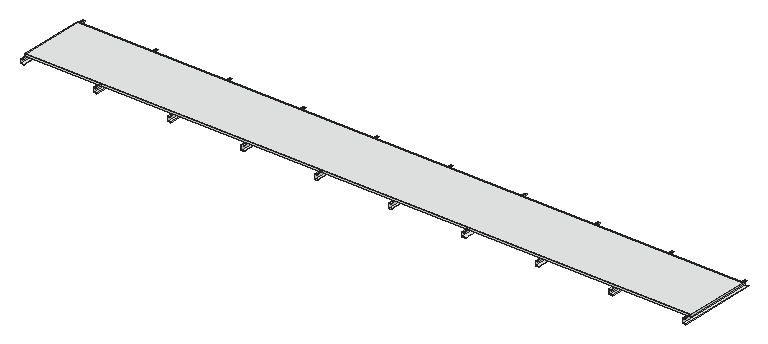
Revit family "Walkway_Kattsafe_Aluminium", category Specialty Equipment, Revit 2025
Family settings
  Round Connector Dimension = Use Diameter
  Part Type = Normal
  OmniClass Number = 23.13.41.19
  Enable Cutting in Views = No
  Cut with Voids When Loaded = No
  Maintain Annotation Orientation = No
  Shared = No
  Room Calculation Point = No
Parameters (values of type "Type 1")
  WalkwayWidth = 600 mm  # constant formula
  WalkwayMaterial = Aluminum_Kattsafe_Mesh_Walkway
  WalkwayAngleEnd2 [instance] = 0.00°
  WalkwayAngleEnd1 [instance] = 0.00°
  Uniclass2015Version = "Products v1.23"
  Uniclass2015Title = "Working platforms"
  Uniclass2015Code = "Pr_40_70_75_96"
  URL = "https://kattsafe.com.au/"
  Type IFC Predefined Type = "USERDEFINED"
  Type Comments = "Aluminium Walkway"
  SafetyDisclaimer [instance] = "WARNING! The correct placement of access, fall protection and facade maintenance systems is critical to ensure it is fit-for-purpose and safe for the operator to use. Did you know Kattsafe® have a dedicated team of Height Safety System Design Specialists? Kattsafe® provide one-on-one consultation and system design assistance to ensure you are meeting the stringent requirements of height safety and to give you PEACE OF MIND with your project."  # constant formula
  RoofPitchCalc [instance] = if(1 = 1, RoofPitch + 90.00°, 0.00°)  # 90.00°
  RoofPitch [instance] = 0.00°
  ModifiedIssue = 20240430
  Model = "GW8"
  FrameMaterial = Aluminum_Kattsafe_Satin
  ManufacturerURLProductSpecific = "https://kattsafe.com.au/products/guardrails-walkway/guardrail-and-walkway-gw"
  ManufacturerSpecCode = Model  # "GW8"
  ManufacturerOverallWidth = WalkwayWidth + 100 mm  # 700 mm
  ManufacturerOverallLength [instance] = [built-in parameter 1001306]  # 6000 mm
  ManufacturerOverallHeight = 53 mm  # constant formula
  Manufacturer = "Kattsafe®"  # constant formula
  built-in parameter 1001306 [instance] = 6000 mm
  IfcExportType = "USERDEFINED"
  IfcExportAs = "IfcBuildingElementProxy"
  Export Type to IFC As = "IfcBuildingElementProxy"
  ElementType = "Roof Walkway"
  Description = "Kattsafe guardrail systems are the preferred method of safe access across roofs and areas close to a fall edge. The system requires no specialist PPE, personnel or training to safely prevent a fall with a walkway to designate a safe path of access across the roof surface."  # constant formula
  Default Elevation = 0 mm
  CreatedBy = "IGS BIM Solutions"  # constant formula
  CreatedByURL = "https://igsgroup.com.au"
  CleatsSingleOptionCalc [instance] = if(and(CleatsOption, (CleatsNumberOfCalc2 < 2), [built-in parameter 1001306] > CleatsMaxSpacingLength - 1 mm), 1 > 0, 1 < 0)  # no
  CleatsNumberOfCalc3 [instance] = if(CleatsNumberOfCalc2 < 2, 2, CleatsNumberOfCalc2)  # 13
  CleatsArrayOptionCalc [instance] = if(and(CleatsOption, (CleatsNumberOfCalc2 > 1)), 1 > 0, 1 < 0)  # no
  CleatsActualNumberOf [instance] = if(CleatsOption, CleatsNumberOfCalc2, 0)  # 0
  CleatsOption [instance] = not(RoofPitch < 10.00°)  # no
  CleatsNumberOfCalc2 [instance] = if(CleatsNumberOf > CleatsNumberOfCalc, rounddown(CleatsNumberOfCalc), CleatsNumberOf)  # 13
  CleatsNumberOfCalc [instance] = ([built-in parameter 1001306] - (CleatsMaxSpacingLength)) / (CleatsMaxSpacingLength) + 1  # 13.3333
  CleatsNumberOf [instance] = ([built-in parameter 1001306] - (CleatsMaxSpacingLength)) / (CleatsMaxSpacingLength) + 1  # 13
  CleatsMaxSpacingLength [instance] = if(RoofPitch < 15.00°, 450 mm, if(RoofPitch < 18.00°, 400 mm, 350 mm))  # 450 mm
  BattensSingleOption [instance] = if(and(BattensArrayNumberOf < 2, [built-in parameter 1001306] > 669 mm), 1 > 0, 1 < 0)  # no
  BattensOffsetLength [instance] = ([built-in parameter 1001306] - 30 mm) / (BattensArrayNumberOf + 1)  # 663.333 mm
  BattensArrayOption [instance] = if(BattensArrayNumberOf < 2, 1 < 0, 1 > 0)  # yes
  BattensArrayNumberOfCalc3 [instance] = if(BattensArrayNumberOf < 2, 2, BattensArrayNumberOf)  # 8
  BattensArrayNumberOf [instance] = if(BattensArrayNumberOfCalc2 < BattensArrayNumberOfCalc, rounddown(BattensArrayNumberOfCalc2), BattensArrayNumberOfCalc)  # 8
  BattensArrayNumberOfCalc2 [instance] = if(1 = 1, [built-in parameter 1001306] / 670 mm, 0)  # 8.9552
  BattensArrayNumberOfCalc [instance] = if(1 = 1, [built-in parameter 1001306] / 670 mm, 0)  # 9
  BattensActualNumberOf [instance] = BattensArrayNumberOf + 2  # 10
  Assembly Code = "E1090100"
Reference planes
  plane 1 "Walkway_Front_Calc": y = -600
  plane 2 "Bottom": z = 0
  plane 3 "Left": x = 0
  plane 4 "Right": x = 6000
  plane 5 "Walkway_Front": y = -600
  plane 6 "Walkway_Bottom": z = 40
  plane 7 "Center (Front/Back)": y = -300
  plane 8 "Center (Left/Right)": x = 3000
  plane 9 "Top": z = 53
  plane 10 "Cleat_Left": x = 450
  plane 11 "Cleat_Right": x = 900
  plane 12 "Left_Calc": x = 0
  plane 13 "Right_Calc": x = 6000
  plane 14 "Front": y = -650
  plane 15 "Back": y = 50
  plane 16 "Batten_Array_Left": x = 663.333
  plane 17 "Batten_Array_Right": x = 5336.667
  plane 18 "Walkway_Back": y = 0
Lines and regions (mm)
  reference lines
    curve 1: line (0, -600, 0) -> (6000, -600, 0)
    curve 2: line (0, -600, 0) -> (0.961, -600, 0)
    curve 3: line (6000, -600, 0) -> (5998.961, -600, 0)
    curve 4: line (0, -600, 53) -> (0, 0, 53)
    curve 5: line (6000, -600, 53) -> (6000, 0, 53)
Text (mm)
  text "Disclaimer:\nDue to ongoing product development and manufacturing \nevolution, product details are subject to change without \nnotice. Please refer to product technical data sheets on \nthe manufacturers website for the most current product \ninformation. Please allow a +/- 5mm manufacturing \ntolerance for dimensions and set-outs shown in product \nliterature." at (8280.43, 2349.183, 0), in view "Ref. Level"
Dimensions and locks
  "built-in parameter 1001306": plane 3 "Left" to plane 4 "Right"
  "ManufacturerOverallHeight": plane 9 "Top" to plane 2 "Bottom"
  equal spacing: plane 3 "Left", plane 8 "Center (Left/Right)", plane 4 "Right"
  locked: plane 6 "Walkway_Bottom" to plane 2 "Bottom" at 40
  "CleatsMaxSpacingLength": plane 3 "Left" to plane 10 "Cleat_Left"
  "CleatsMaxSpacingLength": plane 10 "Cleat_Left" to plane 11 "Cleat_Right"
  equal spacing: group 1, group 2, group 5, group 6, group 7, group 8, group 9, group 10, group 11, group 12, group 13, group 14, group 15  (x3)
  locked: plane 3 "Left" to plane 12 "Left_Calc"
  locked: plane 13 "Right_Calc" to plane 4 "Right"
  equal spacing: plane 15 "Back", plane 7 "Center (Front/Back)", plane 14 "Front"
  "ManufacturerOverallWidth": plane 15 "Back" to plane 14 "Front"
  equal spacing: group 3, group 16, group 17, group 18, group 19, group 20, group 21, group 4  (x3)
  "BattensOffsetLength": plane 12 "Left_Calc" to plane 16 "Batten_Array_Left"
  "BattensOffsetLength": plane 4 "Right" to plane 17 "Batten_Array_Right"
  equal spacing: curve 4, nested 7, curve 4
  equal spacing: curve 5, nested 8, curve 5
  locked: plane 1 "Walkway_Front_Calc" to plane 5 "Walkway_Front" at 0
  plane 18 "Walkway_Back" to plane 5 "Walkway_Front" = 600 mm
  equal spacing: plane 18 "Walkway_Back", plane 7 "Center (Front/Back)", plane 5 "Walkway_Front"
  "WalkwayAngleEnd1": angle curve 4 to plane 3 "Left"
  "WalkwayAngleEnd2": angle plane 13 "Right_Calc" to curve 5
  aligned and locked: plane 4 "Right" to curve 1
  aligned and locked: plane 1 "Walkway_Front_Calc" to curve 1
  aligned and locked: plane 3 "Left" to curve 1
  aligned and locked: level to plane 2 "Bottom"
  aligned and locked: plane 4 "Right" to curve 3
  aligned and locked: plane 3 "Left" to nested 1
  aligned and locked: nested 1 to plane 4 "Right"
  aligned and locked: plane 10 "Cleat_Left" to nested 2
  aligned and locked: plane 9 "Top" to nested 2
  aligned and locked: plane 11 "Cleat_Right" to nested 3
  aligned and locked: plane 9 "Top" to nested 3
  aligned and locked: nested 3 to plane 9 "Top"
  aligned and locked: plane 10 "Cleat_Left" to nested 4
  aligned and locked: plane 9 "Top" to nested 4
  aligned and locked: plane 5 "Walkway_Front" to curve 4
  aligned and locked: plane 3 "Left" to curve 4
  aligned and locked: plane 13 "Right_Calc" to curve 5
  aligned and locked: plane 5 "Walkway_Front" to curve 5
  aligned and locked: nested 5 to plane 7 "Center (Front/Back)"
  aligned and locked: plane 2 "Bottom" to nested 5
  aligned and locked: nested 6 to plane 7 "Center (Front/Back)"
  aligned and locked: plane 2 "Bottom" to nested 6
  aligned and locked: plane 16 "Batten_Array_Left" to nested 5
  aligned and locked: plane 17 "Batten_Array_Right" to nested 6
  aligned and locked: plane 2 "Bottom" to nested 7
  aligned and locked: nested 7 to curve 4
  aligned and locked: plane 2 "Bottom" to nested 8
  aligned and locked: nested 8 to curve 5
  aligned and locked: plane 16 "Batten_Array_Left" to nested 9
  aligned and locked: nested 9 to plane 7 "Center (Front/Back)"
  aligned and locked: plane 18 "Walkway_Back" to curve 5
  aligned and locked: plane 18 "Walkway_Back" to curve 4
Automatic sketch dimensions
  plane 3 "Left" to curve 2 = 0.961 mm
  curve 3 to plane 4 "Right" = 1.039 mm
  curve 2 to plane 3 "Left" = 0 mm
  plane 1 "Walkway_Front_Calc" to curve 3 = 0 mm
  plane 1 "Walkway_Front_Calc" to curve 2 = 0 mm
Nested families
  nested 1: "z_Walkway_Kattsafe_Aluminium" at (25.785, -300, 40), Material <- "FrameMaterial", ManufacturerOverallWidth <- "WalkwayWidth", End1_Angle <- "WalkwayAngleEnd1", End2_Angle <- "WalkwayAngleEnd2", WalkwayMaterial <- "WalkwayMaterial", type "GW335.6000"
    with WalkwayMaterial Aluminum_Kattsafe_Mesh_Walkway, Material Aluminum_Kattsafe_Satin, ManufacturerOverallWidth 600 mm, ManufacturerOverallLength 6000 mm, End2_Angle_Calc 90.00°, End2_Angle 0.00°, End1_Angle_Calc 90.00°, End1_Angle 0.00°
  nested 2: "z_WalkwayCleat_Kattsafe" at (463.562, -25.785, 53) x (0, -1, 0) z (0, 0, 1), ManufacturerOverallLength <- "WalkwayWidth", visible <- "CleatsArrayOptionCalc", Material <- "FrameMaterial", type "GW340"
    with Material Aluminum_Kattsafe_Satin, ManufacturerOverallLength 600 mm
  nested 3: "z_WalkwayCleat_Kattsafe" at (913.562, -25.785, 53) x (0, -1, 0) z (0, 0, 1), ManufacturerOverallLength <- "WalkwayWidth", visible <- "CleatsArrayOptionCalc", Material <- "FrameMaterial", type "GW340"
    with Material Aluminum_Kattsafe_Satin, ManufacturerOverallLength 600 mm
  nested 4: "z_WalkwayCleat_Kattsafe" at (463.562, -25.785, 53) x (0, -1, 0) z (0, 0, 1), ManufacturerOverallLength <- "WalkwayWidth", visible <- "CleatsSingleOptionCalc", Material <- "FrameMaterial", type "GW340"
    with Material Aluminum_Kattsafe_Satin, ManufacturerOverallLength 600 mm
  nested 5: "z_WalkwayBatten_Kattsafe" at (678.333, -624.215, 0) x (0, 1, 0) z (0, 0, 1), visible <- "BattensArrayOption", Material <- "FrameMaterial", type "700w (GW359D.700)"
    with Material Aluminum_Kattsafe_Satin
  nested 6: "z_WalkwayBatten_Kattsafe" at (5321.667, -624.215, 0) x (0, 1, 0) z (0, 0, 1), visible <- "BattensArrayOption", Material <- "FrameMaterial", type "700w (GW359D.700)"
    with Material Aluminum_Kattsafe_Satin
  nested 7: "z_WalkwayBatten_Kattsafe" at (15, -624.215, 0) x (0, 1, 0) z (0, 0, 1), Material <- "FrameMaterial", type "700w (GW359D.700)"
    with Material Aluminum_Kattsafe_Satin
  nested 8: "z_WalkwayBatten_Kattsafe" at (5985, -624.215, 0) x (0, 1, 0) z (0, 0, 1), Material <- "FrameMaterial", type "700w (GW359D.700)"
    with Material Aluminum_Kattsafe_Satin
  nested 9: "z_WalkwayBatten_Kattsafe" at (678.333, -624.215, 0) x (0, 1, 0) z (0, 0, 1), visible <- "BattensSingleOption", Material <- "FrameMaterial", type "700w (GW359D.700)"
    with Material Aluminum_Kattsafe_Satin
  nested 10: "z_WalkwayCleat_Kattsafe" at (1363.562, -25.785, 53) x (0, -1, 0) z (0, 0, 1), ManufacturerOverallLength <- "WalkwayWidth", visible <- "CleatsArrayOptionCalc", Material <- "FrameMaterial", type "GW340"
    with Material Aluminum_Kattsafe_Satin, ManufacturerOverallLength 600 mm
  nested 11: "z_WalkwayCleat_Kattsafe" at (1813.562, -25.785, 53) x (0, -1, 0) z (0, 0, 1), ManufacturerOverallLength <- "WalkwayWidth", visible <- "CleatsArrayOptionCalc", Material <- "FrameMaterial", type "GW340"
    with Material Aluminum_Kattsafe_Satin, ManufacturerOverallLength 600 mm
  nested 12: "z_WalkwayCleat_Kattsafe" at (2263.562, -25.785, 53) x (0, -1, 0) z (0, 0, 1), ManufacturerOverallLength <- "WalkwayWidth", visible <- "CleatsArrayOptionCalc", Material <- "FrameMaterial", type "GW340"
    with Material Aluminum_Kattsafe_Satin, ManufacturerOverallLength 600 mm
  nested 13: "z_WalkwayCleat_Kattsafe" at (2713.562, -25.785, 53) x (0, -1, 0) z (0, 0, 1), ManufacturerOverallLength <- "WalkwayWidth", visible <- "CleatsArrayOptionCalc", Material <- "FrameMaterial", type "GW340"
    with Material Aluminum_Kattsafe_Satin, ManufacturerOverallLength 600 mm
  nested 14: "z_WalkwayCleat_Kattsafe" at (3163.562, -25.785, 53) x (0, -1, 0) z (0, 0, 1), ManufacturerOverallLength <- "WalkwayWidth", visible <- "CleatsArrayOptionCalc", Material <- "FrameMaterial", type "GW340"
    with Material Aluminum_Kattsafe_Satin, ManufacturerOverallLength 600 mm
  nested 15: "z_WalkwayCleat_Kattsafe" at (3613.562, -25.785, 53) x (0, -1, 0) z (0, 0, 1), ManufacturerOverallLength <- "WalkwayWidth", visible <- "CleatsArrayOptionCalc", Material <- "FrameMaterial", type "GW340"
    with Material Aluminum_Kattsafe_Satin, ManufacturerOverallLength 600 mm
  nested 16: "z_WalkwayCleat_Kattsafe" at (4063.562, -25.785, 53) x (0, -1, 0) z (0, 0, 1), ManufacturerOverallLength <- "WalkwayWidth", visible <- "CleatsArrayOptionCalc", Material <- "FrameMaterial", type "GW340"
    with Material Aluminum_Kattsafe_Satin, ManufacturerOverallLength 600 mm
  nested 17: "z_WalkwayCleat_Kattsafe" at (4513.562, -25.785, 53) x (0, -1, 0) z (0, 0, 1), ManufacturerOverallLength <- "WalkwayWidth", visible <- "CleatsArrayOptionCalc", Material <- "FrameMaterial", type "GW340"
    with Material Aluminum_Kattsafe_Satin, ManufacturerOverallLength 600 mm
  nested 18: "z_WalkwayCleat_Kattsafe" at (4963.562, -25.785, 53) x (0, -1, 0) z (0, 0, 1), ManufacturerOverallLength <- "WalkwayWidth", visible <- "CleatsArrayOptionCalc", Material <- "FrameMaterial", type "GW340"
    with Material Aluminum_Kattsafe_Satin, ManufacturerOverallLength 600 mm
  nested 19: "z_WalkwayCleat_Kattsafe" at (5413.562, -25.785, 53) x (0, -1, 0) z (0, 0, 1), ManufacturerOverallLength <- "WalkwayWidth", visible <- "CleatsArrayOptionCalc", Material <- "FrameMaterial", type "GW340"
    with Material Aluminum_Kattsafe_Satin, ManufacturerOverallLength 600 mm
  nested 20: "z_WalkwayCleat_Kattsafe" at (5863.562, -25.785, 53) x (0, -1, 0) z (0, 0, 1), ManufacturerOverallLength <- "WalkwayWidth", visible <- "CleatsArrayOptionCalc", Material <- "FrameMaterial", type "GW340"
    with Material Aluminum_Kattsafe_Satin, ManufacturerOverallLength 600 mm
  nested 21: "z_WalkwayBatten_Kattsafe" at (1341.667, -624.215, 0) x (0, 1, 0) z (0, 0, 1), visible <- "BattensArrayOption", Material <- "FrameMaterial", type "700w (GW359D.700)"
    with Material Aluminum_Kattsafe_Satin
  nested 22: "z_WalkwayBatten_Kattsafe" at (2005, -624.215, 0) x (0, 1, 0) z (0, 0, 1), visible <- "BattensArrayOption", Material <- "FrameMaterial", type "700w (GW359D.700)"
    with Material Aluminum_Kattsafe_Satin
  nested 23: "z_WalkwayBatten_Kattsafe" at (2668.333, -624.215, 0) x (0, 1, 0) z (0, 0, 1), visible <- "BattensArrayOption", Material <- "FrameMaterial", type "700w (GW359D.700)"
    with Material Aluminum_Kattsafe_Satin
  nested 24: "z_WalkwayBatten_Kattsafe" at (3331.667, -624.215, 0) x (0, 1, 0) z (0, 0, 1), visible <- "BattensArrayOption", Material <- "FrameMaterial", type "700w (GW359D.700)"
    with Material Aluminum_Kattsafe_Satin
  nested 25: "z_WalkwayBatten_Kattsafe" at (3995, -624.215, 0) x (0, 1, 0) z (0, 0, 1), visible <- "BattensArrayOption", Material <- "FrameMaterial", type "700w (GW359D.700)"
    with Material Aluminum_Kattsafe_Satin
  nested 26: "z_WalkwayBatten_Kattsafe" at (4658.333, -624.215, 0) x (0, 1, 0) z (0, 0, 1), visible <- "BattensArrayOption", Material <- "FrameMaterial", type "700w (GW359D.700)"
    with Material Aluminum_Kattsafe_Satin
Definition of nested family "z_Walkway_Kattsafe_Aluminium"
  Parameters (values of type "GW335.6000")
    WalkwayMaterial [instance] = none
    URL = "https://kattsafe.com.au/"
    Type Comments = ""
    ModifiedIssue = 20190911
    Model = "GW335.6000"
    Material [instance] = none
    ManufacturerURLProductSpecific = ""
    ManufacturerSpecCode = Model  # "GW335.6000"
    ManufacturerOverallWidth [instance] = 600 mm
    ManufacturerOverallLength [instance] = 6000 mm
    ManufacturerOverallHeight = 13 mm  # constant formula
    Manufacturer = "SAYFA"  # constant formula
    Keynote = ""
    End2_Angle_Calc [instance] = if(1 = 1, End2_Angle + 90.00°, 0.00°)  # 90.00°
    End2_Angle [instance] = 0.00°
    End1_Angle_Calc [instance] = if(1 = 1, End1_Angle + 90.00°, 0.00°)  # 90.00°
    End1_Angle [instance] = 0.00°
    Description = "Pace 600 Aluminium Walkway Mesh"
    Default Elevation = 0 mm  # constant formula
    CreatedBy = "IGS BIM Solutions"  # constant formula
    CreatedByURL = "https://igsgroup.com.au"
  Reference planes
    plane 1 "Bottom": z = 0
    plane 2 "Center (Front/Back)": y = 0
    plane 3 "Front": y = -300
    plane 4 "Left": x = -25.785
    plane 5 "Center (Left/Right)": x = 2974.215
    plane 6 "Top": z = 13
    plane 7 "Right": x = 5974.215
    plane 8 "Back": y = 300
    plane 9 "InsetBack": y = 299
    plane 10 "InsetFront": y = -299
  Forms (mm)
    Extrusion 1, solid, material <- "Material"
      sketch origin (0, 0, 0) x (1, 0, 0) y (0, 1, 0)
        loop
          line (-25.785, 300) -> (-25.785, -300) -> (5974.215, -300) -> (5974.215, 300) -> (-25.785, 300)
        loop
          line (-24.785, 299) -> (-24.785, -299) -> (5973.215, -299) -> (5973.215, 299) -> (-24.785, 299)
      from 0 to 13
    Extrusion 2, solid, material <- "WalkwayMaterial"
      sketch origin (0, 0, 0) x (1, 0, 0) y (0, 1, 0)
        loop
          line (-24.785, 299) -> (-24.785, -299) -> (5973.215, -299) -> (5973.215, 299) -> (-24.785, 299)
      from 0 to 13
  Lines and regions (mm)
    reference lines
      curve 1: line (-25.785, -300, 0) -> (-25.785, 300, 0)
      curve 2: line (5974.215, -300, 0) -> (5974.215, 300, 0)
      curve 3: line (-24.785, 300, 0) -> (-24.785, -300, 0)
      curve 4: line (5973.215, -300, 0) -> (5973.215, 300, 0)
  Dimensions and locks
    "ManufacturerOverallWidth": plane 8 "Back" to plane 3 "Front"
    "ManufacturerOverallHeight": plane 6 "Top" to plane 1 "Bottom"
    equal spacing: plane 4 "Left", plane 5 "Center (Left/Right)", plane 7 "Right"
    "ManufacturerOverallLength": plane 4 "Left" to plane 7 "Right"
    equal spacing: plane 8 "Back", plane 2 "Center (Front/Back)", plane 3 "Front"
    locked: plane 9 "InsetBack" to plane 8 "Back" at 1
    locked: plane 10 "InsetFront" to plane 3 "Front" at 1
    locked: curve 3 to curve 1 at 1
    locked: curve 2 to curve 4 at 1
    "End1_Angle_Calc": angle curve 1 to plane 3 "Front"
    "End2_Angle_Calc": angle plane 3 "Front" to curve 2
    "End1_Angle_Calc": angle curve 3 to plane 3 "Front"
    "End2_Angle_Calc": angle plane 3 "Front" to curve 4
    aligned and locked: plane 1 "Bottom" to level
    aligned and locked: Extrusion 1 to plane 3 "Front"
    aligned and locked: Extrusion 1 to plane 8 "Back"
    aligned and locked: Extrusion 1 to plane 1 "Bottom"
    aligned and locked: Extrusion 1 to plane 6 "Top"
    aligned and locked: plane 4 "Left" to curve 1
    aligned and locked: plane 3 "Front" to curve 1
    aligned and locked: plane 8 "Back" to curve 1
    aligned and locked: plane 7 "Right" to curve 2
    aligned and locked: plane 3 "Front" to curve 2
    aligned and locked: plane 8 "Back" to curve 2
    aligned and locked: plane 9 "InsetBack" to Extrusion 1 sketch curve
    aligned and locked: plane 10 "InsetFront" to Extrusion 1 sketch curve
    aligned and locked: plane 9 "InsetBack" to Extrusion 2 sketch curve
    aligned and locked: plane 10 "InsetFront" to Extrusion 2 sketch curve
    aligned and locked: Extrusion 2 to plane 6 "Top"
    aligned and locked: Extrusion 2 to plane 1 "Bottom"
    aligned and locked: plane 3 "Front" to curve 3
    aligned and locked: plane 8 "Back" to curve 3
    aligned and locked: plane 3 "Front" to curve 4
    aligned and locked: plane 8 "Back" to curve 4
    aligned and locked: Extrusion 2 sketch curve to curve 4
    aligned and locked: Extrusion 2 sketch curve to curve 3
    aligned and locked: Extrusion 1 sketch curve to curve 3
    aligned and locked: Extrusion 1 sketch curve to curve 1
    aligned and locked: Extrusion 1 sketch curve to curve 4
    aligned and locked: Extrusion 1 sketch curve to curve 2
  Automatic sketch dimensions
    plane 8 "Back" to Extrusion 1 sketch curve = 0 mm
    Extrusion 1 sketch curve to plane 3 "Front" = 0 mm
Definition of nested family "z_WalkwayCleat_Kattsafe"
  Parameters (values of type "GW340")
    URL = "https://kattsafe.com.au/"
    Type Comments = ""
    ModifiedIssue = 20190911
    Model = "GW340"
    Material [instance] = none
    ManufacturerURLProductSpecific = ""
    ManufacturerSpecCode = Model  # "GW340"
    ManufacturerOverallWidth = 30 mm  # constant formula
    ManufacturerOverallLength [instance] = 600 mm
    ManufacturerOverallHeight = 13 mm  # constant formula
    Manufacturer = "SAYFA"  # constant formula
    Keynote = ""
    Description = "Pace 600 Aluminium Walkway Cleat"
    Default Elevation = 0 mm  # constant formula
    CreatedBy = "IGS BIM Solutions"  # constant formula
    CreatedByURL = "https://igsgroup.com.au"
  Reference planes
    plane 1 "Bottom": z = 0
    plane 2 "Center (Front/Back)": y = 1.438
    plane 3 "Front": y = -13.562
    plane 4 "Left": x = -25.785
    plane 5 "Center (Left/Right)": x = 274.215
    plane 6 "Top": z = 13
    plane 7 "Right": x = 574.215
    plane 8 "Back": y = 16.438
    plane 9 "Center (Elevation)": z = 6.5
  Forms (mm)
    Extrusion 1, solid, material <- "Material"
      sketch origin (274.215, 0, 0) x (0, 1, 0) y (0, 0, -1)
        loop
          arc (4.564, -5.24) -> (4.093, -9.355) -> (6.299, -12.861) r 6.25
          arc (6.299, -12.861) -> (7.311, -12.804) -> (7.369, -11.792) r 0.761
          arc (7.369, -11.792) -> (10.188, -3.218) -> (13.006, -11.792) r 4.75
          arc (13.006, -11.792) -> (13.064, -12.804) -> (14.076, -12.861) r 0.761
          arc (14.076, -12.861) -> (16.243, -9.517) -> (15.948, -5.543) r 6.25
          arc (15.948, -5.543) -> (12.946, -1.734) -> (8.416, 0) r 9.127
          line (8.416, 0) -> (-13.562, 0) -> (-13.562, -0.8)
          arc (-13.562, -0.8) -> (-13.123, -1.861) -> (-12.062, -2.3) r 1.5
          line (-12.062, -2.3) -> (2.723, -2.3)
          arc (2.723, -2.3) -> (4.458, -3.26) -> (4.564, -5.24) r 2.047
      from -300 to 300
  Dimensions and locks
    "ManufacturerOverallWidth": plane 8 "Back" to plane 3 "Front"
    "ManufacturerOverallHeight": plane 6 "Top" to plane 1 "Bottom"
    equal spacing: plane 4 "Left", plane 5 "Center (Left/Right)", plane 7 "Right"
    "ManufacturerOverallLength": plane 4 "Left" to plane 7 "Right"
    equal spacing: plane 6 "Top", plane 9 "Center (Elevation)", plane 1 "Bottom"
    equal spacing: plane 8 "Back", plane 2 "Center (Front/Back)", plane 3 "Front"
    aligned and locked: plane 1 "Bottom" to level
    aligned and locked: Extrusion 1 to plane 7 "Right"
    aligned and locked: Extrusion 1 to plane 4 "Left"
    aligned and locked: Extrusion 1 sketch curve to plane 3 "Front"
  Automatic sketch dimensions
    Extrusion 1 sketch curve to Extrusion 1 sketch curve = 0 mm  (x7)
    Extrusion 1 sketch curve to level = 0 mm
    Extrusion 1 sketch curve to plane 3 "Front" = 1.5 mm
    plane 2 "Center (Front/Back)" to Extrusion 1 sketch curve = 1.285 mm
    Extrusion 1 sketch curve to plane 6 "Top" = 0.735 mm  (x2)
    Extrusion 1 sketch curve to Extrusion 1 sketch curve = 0.763 mm
    Extrusion 1 sketch curve to Extrusion 1 sketch curve = 5.693 mm
    Extrusion 1 sketch curve to level = 0.8 mm
    Extrusion 1 sketch curve to Extrusion 1 sketch curve = 2.047 mm
    plane 9 "Center (Elevation)" to Extrusion 1 sketch curve = 1.468 mm
    Extrusion 1 sketch curve to Extrusion 1 sketch curve = 1.116 mm
    Extrusion 1 sketch curve to plane 9 "Center (Elevation)" = 1.26 mm
    Extrusion 1 sketch curve to plane 6 "Top" = 0.139 mm  (x2)
    Extrusion 1 sketch curve to Extrusion 1 sketch curve = 0.596 mm  (x2)
Definition of nested family "z_WalkwayBatten_Kattsafe"
  Parameters (values of type "700w (GW359D.700)")
    URL = "https://kattsafe.com.au/"
    Type Comments = ""
    ModifiedIssue = 20190911
    Model = "GW359D.700"
    Material [instance] = none
    ManufacturerURLProductSpecific = ""
    ManufacturerSpecCode = Model  # "GW359D.700"
    ManufacturerOverallWidth = 30 mm  # constant formula
    ManufacturerOverallLength = 700 mm  # constant formula
    ManufacturerOverallHeight = 40 mm  # constant formula
    Manufacturer = "SAYFA"  # constant formula
    Keynote = ""
    Description = "Pace 600 Walkway Support Batten"
    Default Elevation = 0 mm  # constant formula
    CreatedBy = "IGS BIM Solutions"  # constant formula
    CreatedByURL = "https://igsgroup.com.au"
  Reference planes
    plane 1 "Bottom": z = 0
    plane 2 "Center (Front/Back)": y = 0
    plane 3 "Front": y = -15
    plane 4 "Left": x = -25.785
    plane 5 "Center (Left/Right)": x = 324.215
    plane 6 "Top": z = 40
    plane 7 "Right": x = 674.215
    plane 8 "Back": y = 15
  Forms (mm)
    Extrusion 1, solid, material <- "Material"
      sketch origin (-25.785, 0, 0) x (0, 1, 0) y (0, 0, 1)
        loop
          line (15, 0) -> (15, 40) -> (-5, 40) -> (-5, 38) -> (13, 38) -> (13, 2) -> (-15, 2) -> (-15, 0) -> (15, 0)
      from 0 to 700
  Dimensions and locks
    "ManufacturerOverallWidth": plane 8 "Back" to plane 3 "Front"
    "ManufacturerOverallHeight": plane 6 "Top" to plane 1 "Bottom"
    equal spacing: plane 4 "Left", plane 5 "Center (Left/Right)", plane 7 "Right"
    "ManufacturerOverallLength": plane 4 "Left" to plane 7 "Right"
    equal spacing: plane 8 "Back", plane 2 "Center (Front/Back)", plane 3 "Front"
    aligned and locked: plane 1 "Bottom" to level
    aligned and locked: Extrusion 1 to plane 4 "Left"
    aligned and locked: Extrusion 1 to plane 7 "Right"
  Automatic sketch dimensions
    level to Extrusion 1 sketch curve = 0 mm
    Extrusion 1 sketch curve to plane 3 "Front" = 0 mm
    plane 6 "Top" to Extrusion 1 sketch curve = 0 mm
    Extrusion 1 sketch curve to plane 8 "Back" = 0 mm
    plane 2 "Center (Front/Back)" to Extrusion 1 sketch curve = 5 mm
    level to Extrusion 1 sketch curve = 2 mm
    plane 8 "Back" to Extrusion 1 sketch curve = 2 mm
    plane 6 "Top" to Extrusion 1 sketch curve = 2 mm
